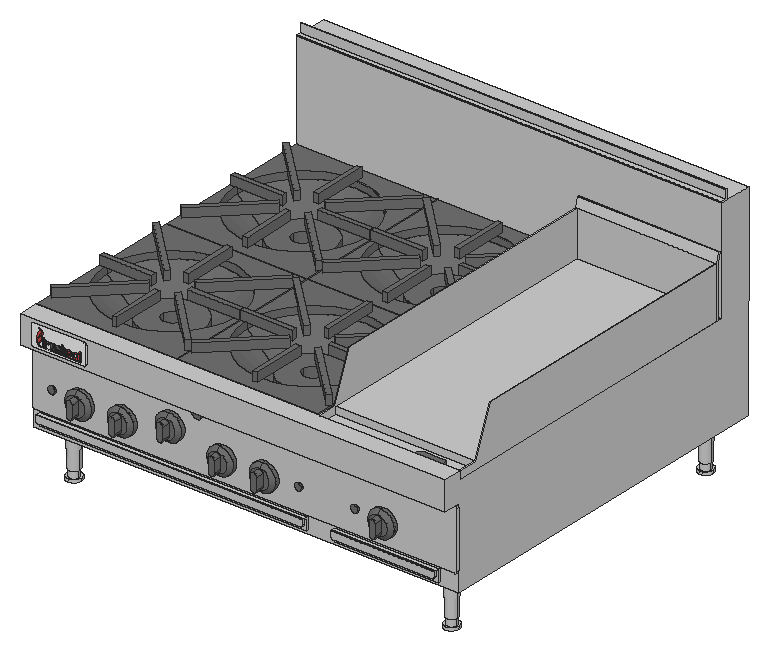
Revit family "QF_COMCATER ALL BRANDS_RCT9-4-3G", category Specialty Equipment, Revit 2014
Parameters (values of type "RCT9-4-3G_Natural Gas")
  URL Cutsheet = ""
  URL = ""
  Type Comments = "The Australian owned and designed* Trueheat RC Series of Gas Cooking Equipment has been developed for the restaurant and cafe market with a high quality finish, designed to fulfill the busy demands within a commercial kitchen.\r\nPowerful 24MJ/hr open burners with individual standing pilots included.\r\n100% Flame failure controls included as standard. Matt finish Euro look cast iron trivets radiate heat and design makes it easy to move pots around the surface.\r\n16mm thick steel griddle plate with 16.5MJ/hr burner per 300mm section.\r\nNote: Griddle is convertible to left hand side. Additional charges apply."
  Status [instance] = ""
  Specification by User [instance] = ""
  Specification by Manufacturer [instance] = ""
  Seismic Rating = ""
  SMACNA No = ""
  Revision Code [instance] = ""
  Nominal Gas power = 26800 W
  NAFEM Spec ID Number = ""
  Model = "RCT9-4-3G"
  Mechanical Connection Type [instance] = " "
  Masterspec = ""
  Manufacturer = "TRUEHEAT"
  Length Actual = 900 mm
  Item Number [instance] = ""
  Installed By [instance] = ""
  Identify Quantity as Lot [instance] = no
  Height Actual = 455 mm
  Gas power kW = 26.8
  Gas Size Flexible = 0 mm
  Gas Size = 19.05 mm
  Gas RI Height [instance] = 0 mm
  Gas Flow = 0.0 L/s
  Gas Connection Height [instance] = 121 mm
  Furnished By [instance] = ""
  Foodservice Equipment Identifier [instance] = yes
  Description = "4 BURNER COMBINATION MODULAR TOP"
  Depth Actual = 803 mm
  CSI MasterFormat = ""
  BTUH = 26800 W
  Assembly Code = "E1090320"
  Accessory = no
Types (2): name
  RCT9-4-3G_Natural Gas
  RCT9-4-3G_LPG
Reference planes
  plane 1 "Center (Front/Back)": y = 0
  plane 2: z = 0
  plane 3 "Center (Left/Right)": x = 0
Forms (mm)
  Extrusion 1, solid
    sketch origin (96, 0, 121) x (1, 0, 0) y (0, 1, 0)
      loop
        line (0, 0) -> (2, 0) -> (2, 2) -> (0, 2) -> (0, 0)
    from 0 to 2
Dimensions and locks
  aligned and locked: level to plane 2
Nested families
  nested 1: "QF_COMCATER ALL BRANDS_RCT9-4-3G_Natural Gas" at (0, 0, 100), type "RCT9-4-3G_Natural Gas"
    with Show Logo yes, Show Clearance yes
  nested 2: "QF_COMCATER_B05002-900" at (0, 0, 0), type "B05002-900"
    with Show Logo yes, Show Clearance yes
Connectors
  piping at (97, 2, 122), diameter 19.05, driven by "Gas Size", driven by "Gas Flow"
    settings: on Extrusion 1, index 1, connector inside diameter 609.6 mm, connector length 0 mm, flow factor 0, pipe flow 0.0 L/s, pressure drop 0.0 Pa, fitting loss kfactor 0, connector angle 0.00°, fixture units 0, engagement length 0 mm, angle of deflection 0.00°, flow configuration 1, flow direction 1, fitting loss method 0, system type 22, joint type 0, gender type 0, connector reference index -1, connector utility 0, adjustable connector no, is connector primary yes, connector description "Gas connection for 'RCT9-4-3G'"
Definition of nested family "QF_COMCATER ALL BRANDS_RCT9-4-3G_Natural Gas"
  Parameters (values of type "RCT9-4-3G_Natural Gas")
    URL = "www.comcater.com.au"
    Show Logo [instance] = yes
    Show Clearance [instance] = yes
    Model = "RCT9-4-3G"
    Manufacturer = "TRUEHEAT"
    Description = "4 BURNER COMBINATION MODULAR TOP"
    Assembly Code = "E1090320"
  Reference planes
    plane 1 "Back": y = 0
    plane 2: z = 0
    plane 3 "Left": x = 0
    plane 4 "Right": x = 900
    plane 5 "Front": y = -803
    plane 6 "Top": z = 455
  Forms (mm)
    Extrusion 1, solid
      sketch origin (0, 0, 2.5) x (0, 1, 0) y (0, 0, 1)
        loop
          line (0, 432.5) -> (-70, 432.5) -> (-70, 212.5) -> (-762.176, 212.5) -> (-762.176, 227.5) -> (-803, 227.5) -> (-803, 167.5) -> (-768, 167.5) -> (-768, -2.5) -> (0, -2.5) -> (0, 432.5)
      from 0 to 900
    Extrusion 2, solid
      sketch origin (600, 0, 2.5) x (0, 1, 0) y (0, 0, 1)
        loop
          line (-77.071, 341.25) -> (-82.176, 322.195) -> (-82.176, 212.5) -> (-80.176, 212.5) -> (-80.176, 321.931) -> (-75, 341.25) -> (-77.071, 341.25)
      from 0 to 300
    Extrusion 3, solid
      sketch origin (600, 0, 2.5) x (0, 1, 0) y (0, 0, 1)
        loop
          line (-82.176, 322.195) -> (-682.176, 322.195) -> (-722.176, 227.5) -> (-762.176, 227.5) -> (-762.176, 212.5) -> (-82.176, 212.5) -> (-82.176, 322.195)
      from 0 to 2
    Extrusion 4, solid
      sketch origin (898, 0, 2.5) x (0, 1, 0) y (0, 0, 1)
        loop
          line (-82.176, 322.195) -> (-682.176, 322.195) -> (-722.176, 227.5) -> (-762.176, 227.5) -> (-762.176, 212.5) -> (-82.176, 212.5) -> (-82.176, 322.195)
      from 0 to 2
    Extrusion 5, solid
      sketch origin (595.5, -360, -12.5) x (1, 0, 0) y (0, 0, 1)
        loop
          line (6.5, 227.5) -> (302.5, 227.5) -> (302.5, 242.5) -> (6.5, 242.5) -> (6.5, 227.5)
      from -277.824 to 362.176
    Revolve 6, solid
      sketch origin (108.337, 8, -489.263) x (0, 1, 0) y (0, 0, 1)
        loop
          line (-786.003, 575.513) -> (-801, 575.513) -> (-801, 555.163) -> (-793.012, 547.176) -> (-786.003, 547.176) -> (-786.003, 575.513)
        axis (-786.003, 575.513) -> (-801, 575.513)
      angle from 0 to 360
    Extrusion 7, solid
      sketch origin (-264.343, -780, -1413.928) x (-0.707107, 0, -0.707107) y (-0.707107, 0, 0.707107)
        loop
          arc (-1328.297, 810.227) -> (-1337.277, 810.227) -> (-1337.277, 801.247) r 6.35
          line (-1337.277, 801.247) -> (-1320.325, 784.294)
          arc (-1320.325, 784.294) -> (-1311.344, 784.294) -> (-1311.344, 793.275) r 6.35
          line (-1311.344, 793.275) -> (-1328.297, 810.227)
      from -13 to -28
    Extrusion 8, solid
      sketch origin (115.838, 32, 58.75) x (1, 0, 0) y (0, 0, 1)
        loop
          circle (234.162, 91.25) r 10.607
      from 803 to 805
    Extrusion 9, solid
      sketch origin (0, -768, 2.5) x (1, 0, 0) y (0, 0, 1)
        loop
          line (0, 160.5) -> (0, 40)
          arc (0, 40) -> (1.464, 36.464) -> (5, 35) r 5
          line (5, 35) -> (895, 35)
          arc (895, 35) -> (898.536, 36.464) -> (900, 40) r 5
          line (900, 40) -> (900, 160.5)
          arc (900, 160.5) -> (898.536, 164.036) -> (895, 165.5) r 5
          line (895, 165.5) -> (5, 165.5)
          arc (5, 165.5) -> (1.464, 164.036) -> (0, 160.5) r 5
      from 0 to 3
    Extrusion 10, solid
      sketch origin (92.5, -778, 2.5) x (1, 0, 0) y (0, 0, 1)
        loop
          arc (-77.5, 20) -> (-76.036, 16.464) -> (-72.5, 15) r 5
          line (-72.5, 15) -> (482.756, 15)
          arc (482.756, 15) -> (486.291, 16.464) -> (487.756, 20) r 5
          line (487.756, 20) -> (487.756, 30) -> (-77.5, 30) -> (-77.5, 20)
      from 0 to 2
    Extrusion 11, solid
      sketch origin (92.5, -2, 2.5) x (0, 1, 0) y (0, 0, 1)
        loop
          line (-776, 30) -> (-776, 27.971) -> (-768.029, 27.971) -> (-768.029, 4.971) -> (-766, 4.971) -> (-766, 30) -> (-776, 30)
      from -77.5 to 487.756
    Extrusion 12, solid, visible <- "Show Logo"
      sketch origin (30, -802.5, 9.763) x (1, 0, 0) y (0, 0, 1)
        loop
          line (98.5, 191.841) -> (96.5, 191.841) -> (96.5, 189.798) -> (95.026, 189.798) -> (95.026, 187.798) -> (96.5, 187.798) -> (96.5, 175.237) -> (98.5, 175.237) -> (98.5, 187.798) -> (100, 187.798) -> (100, 189.798) -> (98.5, 189.798) -> (98.5, 191.841)
        loop
          line (94, 187.798) -> (92, 187.798) -> (92, 186.56)
          arc (92, 186.56) -> (81.976, 181.518) -> (92, 176.475) r 6.28
          line (92, 176.475) -> (92, 175.237) -> (94, 175.237) -> (94, 187.798)
        loop
          arc (92, 183.592) -> (83.976, 181.518) -> (92, 179.443) r 4.28
          line (92, 179.443) -> (92, 183.592)
        loop
          line (65.446, 184.298) -> (65.446, 175.237) -> (67.446, 175.237) -> (67.446, 184.729)
          arc (67.446, 184.729) -> (64.497, 187.542) -> (60.446, 187.101) r 4.833
          line (60.446, 187.101) -> (60.446, 191.841) -> (58.446, 191.841) -> (58.446, 175.237) -> (60.446, 175.237) -> (60.446, 184.298)
          arc (60.446, 184.298) -> (62.946, 185.798) -> (65.446, 184.298) r 2.833
        loop
          arc (80.998, 181.518) -> (69.107, 184.34) -> (78.461, 176.475) r 6.28
          line (78.461, 176.475) -> (77.269, 178.081)
          arc (77.269, 178.081) -> (72.794, 177.694) -> (70.437, 181.518) r 4.28
          line (70.437, 181.518) -> (80.998, 181.518)
        loop
          arc (78.502, 183.518) -> (74.717, 185.798) -> (70.933, 183.518) r 4.28
          line (70.933, 183.518) -> (78.502, 183.518)
      from 0 to 2
    Extrusion 13, solid, visible <- "Show Logo"
      sketch origin (14.146, -802.5, 9.763) x (1, 0, 0) y (0, 0, 1)
        loop
          arc (70.804, 183.518) -> (67.02, 185.798) -> (63.236, 183.518) r 4.28
          line (63.236, 183.518) -> (70.804, 183.518)
        loop
          arc (73.3, 181.518) -> (61.409, 184.34) -> (70.764, 176.475) r 6.28
          line (70.764, 176.475) -> (69.572, 178.081)
          arc (69.572, 178.081) -> (65.096, 177.694) -> (62.74, 181.518) r 4.28
          line (62.74, 181.518) -> (73.3, 181.518)
        loop
          line (34.617, 191.841) -> (34.617, 189.798) -> (33.143, 189.798) -> (33.143, 187.798) -> (34.617, 187.798) -> (34.617, 175.237) -> (36.617, 175.237) -> (36.617, 187.798) -> (38.117, 187.798) -> (38.117, 189.798) -> (36.617, 189.798) -> (36.617, 191.841) -> (34.617, 191.841)
        loop
          arc (57.696, 178.737) -> (55.196, 177.237) -> (52.696, 178.737) r 2.833
          line (52.696, 178.737) -> (52.696, 187.798) -> (50.696, 187.798) -> (50.696, 178.307)
          arc (50.696, 178.307) -> (55.196, 175.237) -> (59.696, 178.307) r 4.833
          line (59.696, 178.307) -> (59.696, 187.798) -> (57.696, 187.798) -> (57.696, 178.737)
        loop
          line (41.117, 186.56) -> (41.117, 187.798) -> (39.117, 187.798) -> (39.117, 175.237) -> (41.117, 175.237) -> (41.117, 183.592)
          arc (41.117, 183.592) -> (44.587, 185.789) -> (48.31, 184.053) r 4.28
          line (48.31, 184.053) -> (49.735, 185.478)
          arc (49.735, 185.478) -> (45.643, 187.749) -> (41.117, 186.56) r 6.28
      from 0 to 2
    Extrusion 14, solid, visible <- "Show Logo"
      sketch origin (0, -802.5, 7.5) x (1, 0, 0) y (0, 0, 1)
        loop
          line (130, 176.5) -> (40, 176.5) -> (40, 175.5) -> (130, 175.5) -> (130, 176.5)
        loop
          arc (40, 177.5) -> (40.603, 181.061) -> (42.43, 184.177) r 10.013
          arc (42.43, 184.177) -> (44.457, 187.03) -> (45.914, 190.212) r 18.627
          arc (45.914, 190.212) -> (46.43, 193.956) -> (45.458, 197.608) r 9.58
          arc (45.458, 197.608) -> (44.352, 194.23) -> (41.979, 191.583) r 8.629
          arc (41.979, 191.583) -> (38.017, 184.959) -> (40, 177.5) r 9.924
        loop
          arc (39.054, 199.801) -> (35.351, 191.043) -> (36.701, 181.631) r 17.746
          arc (36.701, 181.631) -> (36.715, 187.191) -> (39.483, 192.014) r 10.848
          arc (39.483, 192.014) -> (42.461, 196.051) -> (44.165, 200.77) r 17.413
          arc (44.165, 200.77) -> (46.042, 199.588) -> (47.328, 197.781) r 5.718
          arc (47.328, 197.781) -> (46.772, 205.563) -> (40.995, 210.808) r 10.489
          arc (40.995, 210.808) -> (41.42, 205.059) -> (39.054, 199.801) r 11.727
      from 0 to 2
    Extrusion 15, solid, visible <- "Show Logo"
      sketch origin (0, -802, 7.5) x (1, 0, 0) y (0, 0, 1)
        loop
          line (29.373, 170.5) -> (135, 170.5)
          arc (135, 170.5) -> (138.536, 171.964) -> (140, 175.5) r 5
          line (140, 175.5) -> (140, 210.808)
          arc (140, 210.808) -> (138.536, 214.344) -> (135, 215.808) r 5
          line (135, 215.808) -> (29.373, 215.808)
          arc (29.373, 215.808) -> (25.837, 214.344) -> (24.373, 210.808) r 5
          line (24.373, 210.808) -> (24.373, 175.5)
          arc (24.373, 175.5) -> (25.837, 171.964) -> (29.373, 170.5) r 5
      from 0 to 2
    Extrusion 16, solid
      sketch origin (-3062.372, -656.5, -667.68) x (1, 0, 0) y (0, 1, 0)
        loop
          line (3503.813, 452.102) -> (3513.813, 452.102) -> (3513.813, 565.456) -> (3503.813, 565.456) -> (3503.813, 452.102)
        loop
          line (3546.914, 419) -> (3546.914, 409) -> (3656.627, 409) -> (3656.627, 419) -> (3546.914, 419)
        loop
          line (3470.712, 419) -> (3360.999, 419) -> (3360.999, 409) -> (3470.712, 409) -> (3470.712, 419)
        loop
          line (3474.8, 433.871) -> (3481.872, 440.942) -> (3367.316, 555.497) -> (3360.245, 548.426) -> (3474.8, 433.871)
        loop
          line (3535.755, 440.942) -> (3542.826, 433.871) -> (3657.381, 548.426) -> (3650.31, 555.497) -> (3535.755, 440.942)
        loop
          line (3503.813, 375.899) -> (3503.813, 262.545) -> (3513.813, 262.545) -> (3513.813, 375.899) -> (3503.813, 375.899)
        loop
          line (3474.8, 394.13) -> (3360.245, 279.574) -> (3367.316, 272.503) -> (3481.872, 387.059) -> (3474.8, 394.13)
        loop
          line (3535.755, 387.059) -> (3650.31, 272.503) -> (3657.381, 279.574) -> (3542.826, 394.13) -> (3535.755, 387.059)
      from 897.68 to 916.73
    Extrusion 17, solid
      sketch origin (-3062.372, -656.5, -662.976) x (1, 0, 0) y (0, 1, 0)
        loop
          line (3657.627, 586.5) -> (3359.999, 586.5) -> (3359.999, 241.5) -> (3657.627, 241.5) -> (3657.627, 586.5)
        loop
          circle (3508.813, 414.196) r 138
      from 877.976 to 892.976
    Revolve 18, solid
      sketch origin (198.337, 8, -489.263) x (0, 1, 0) y (0, 0, 1)
        loop
          line (-786.003, 575.513) -> (-801, 575.513) -> (-801, 555.163) -> (-793.012, 547.176) -> (-786.003, 547.176) -> (-786.003, 575.513)
        axis (-786.003, 575.513) -> (-801, 575.513)
      angle from 0 to 360
    Extrusion 19, solid
      sketch origin (-174.343, -780, -1413.928) x (-0.707107, 0, -0.707107) y (-0.707107, 0, 0.707107)
        loop
          arc (-1328.297, 810.227) -> (-1337.277, 810.227) -> (-1337.277, 801.247) r 6.35
          line (-1337.277, 801.247) -> (-1320.325, 784.294)
          arc (-1320.325, 784.294) -> (-1311.344, 784.294) -> (-1311.344, 793.275) r 6.35
          line (-1311.344, 793.275) -> (-1328.297, 810.227)
      from -13 to -28
    Revolve 20, solid
      sketch origin (499.175, 8, -489.263) x (0, 1, 0) y (0, 0, -1)
        loop
          line (-786.003, -575.513) -> (-786.003, -547.176) -> (-793.012, -547.176) -> (-801, -555.163) -> (-801, -575.513) -> (-786.003, -575.513)
        axis (-786.003, -575.513) -> (-801, -575.513)
      angle from 0 to 360
    Extrusion 21, solid
      sketch origin (871.856, -780, -1413.928) x (0.707107, 0, -0.707107) y (-0.707107, 0, -0.707107)
        loop
          line (-1328.297, -810.227) -> (-1311.344, -793.275)
          arc (-1311.344, -793.275) -> (-1311.344, -784.294) -> (-1320.325, -784.294) r 6.35
          line (-1320.325, -784.294) -> (-1337.277, -801.247)
          arc (-1337.277, -801.247) -> (-1337.277, -810.227) -> (-1328.297, -810.227) r 6.35
      from -13 to -28
    Revolve 22, solid
      sketch origin (409.175, 8, -489.263) x (0, 1, 0) y (0, 0, -1)
        loop
          line (-786.003, -575.513) -> (-786.003, -547.176) -> (-793.012, -547.176) -> (-801, -555.163) -> (-801, -575.513) -> (-786.003, -575.513)
        axis (-786.003, -575.513) -> (-801, -575.513)
      angle from 0 to 360
    Extrusion 23, solid
      sketch origin (781.856, -780, -1413.928) x (0.707107, 0, -0.707107) y (-0.707107, 0, -0.707107)
        loop
          line (-1328.297, -810.227) -> (-1311.344, -793.275)
          arc (-1311.344, -793.275) -> (-1311.344, -784.294) -> (-1320.325, -784.294) r 6.35
          line (-1320.325, -784.294) -> (-1337.277, -801.247)
          arc (-1337.277, -801.247) -> (-1337.277, -810.227) -> (-1328.297, -810.227) r 6.35
      from -13 to -28
    Revolve 24, solid
      sketch origin (300, 8, -463.851) x (0, 1, 0) y (0, 0, -1)
        loop
          line (-786.003, -575.513) -> (-786.003, -547.176) -> (-793, -547.176) -> (-801, -555.176) -> (-801, -575.513) -> (-786.003, -575.513)
        axis (-786.003, -575.513) -> (-801, -575.513)
      angle from 0 to 360
    Extrusion 25, solid
      sketch origin (672.681, -780, -1388.515) x (0.707107, 0, -0.707107) y (-0.707107, 0, -0.707107)
        loop
          line (-1328.297, -810.227) -> (-1311.344, -793.275)
          arc (-1311.344, -793.275) -> (-1311.344, -784.294) -> (-1320.325, -784.294) r 6.35
          line (-1320.325, -784.294) -> (-1337.277, -801.247)
          arc (-1337.277, -801.247) -> (-1337.277, -810.227) -> (-1328.297, -810.227) r 6.35
      from -13 to -28
    Extrusion 26, solid
      sketch origin (-3062.372, -173.5, -667.68) x (1, 0, 0) y (0, 1, 0)
        loop
          line (3503.813, -452.102) -> (3503.813, -565.456) -> (3513.813, -565.456) -> (3513.813, -452.102) -> (3503.813, -452.102)
        loop
          line (3546.914, -419) -> (3656.627, -419) -> (3656.627, -409) -> (3546.914, -409) -> (3546.914, -419)
        loop
          line (3470.712, -419) -> (3470.712, -409) -> (3360.999, -409) -> (3360.999, -419) -> (3470.712, -419)
        loop
          line (3474.8, -433.871) -> (3360.245, -548.426) -> (3367.316, -555.497) -> (3481.872, -440.942) -> (3474.8, -433.871)
        loop
          line (3535.755, -440.942) -> (3650.31, -555.497) -> (3657.381, -548.426) -> (3542.826, -433.871) -> (3535.755, -440.942)
        loop
          line (3503.813, -375.899) -> (3513.813, -375.899) -> (3513.813, -262.545) -> (3503.813, -262.545) -> (3503.813, -375.899)
        loop
          line (3474.8, -394.13) -> (3481.872, -387.059) -> (3367.316, -272.503) -> (3360.245, -279.574) -> (3474.8, -394.13)
        loop
          line (3535.755, -387.059) -> (3542.826, -394.13) -> (3657.381, -279.574) -> (3650.31, -272.503) -> (3535.755, -387.059)
      from 897.68 to 916.73
    Extrusion 27, solid
      sketch origin (-3062.372, -173.5, -662.976) x (1, 0, 0) y (0, 1, 0)
        loop
          line (3657.627, -586.5) -> (3657.627, -241.5) -> (3359.999, -241.5) -> (3359.999, -586.5) -> (3657.627, -586.5)
        loop
          circle (3508.813, -414.196) r 138
      from 877.976 to 892.976
    Extrusion 28, solid
      sketch origin (0, -5, -680) x (1, 0, 0) y (0, 0, 1)
        loop
          circle (108.338, 766.25) r 8
      from 766 to 773.003
    Extrusion 29, solid
      sketch origin (90, -5, -680) x (1, 0, 0) y (0, 0, 1)
        loop
          circle (108.338, 766.25) r 8
      from 766 to 773.003
    Extrusion 30, solid
      sketch origin (300.837, -5, -680) x (1, 0, 0) y (0, 0, 1)
        loop
          circle (108.338, 766.25) r 8
      from 766 to 773.003
    Extrusion 31, solid
      sketch origin (390.837, -5, -680) x (1, 0, 0) y (0, 0, 1)
        loop
          circle (108.338, 766.25) r 8
      from 766 to 773.003
    Extrusion 32, solid
      sketch origin (191.662, -5, -654.588) x (1, 0, 0) y (0, 0, 1)
        loop
          circle (108.338, 766.25) r 8
      from 766 to 773.003
    Extrusion 33, solid
      sketch origin (782.5, -778, 2.5) x (-1, 0, 0) y (0, 0, -1)
        loop
          line (-77.5, -20) -> (-77.5, -30) -> (142.5, -30) -> (142.5, -20)
          arc (142.5, -20) -> (141.036, -16.464) -> (137.5, -15) r 5
          line (137.5, -15) -> (-72.5, -15)
          arc (-72.5, -15) -> (-76.036, -16.464) -> (-77.5, -20) r 5
      from 0 to 2
    Extrusion 34, solid
      sketch origin (782.5, -2, 2.5) x (0, 1, 0) y (0, 0, -1)
        loop
          line (-776, -30) -> (-766, -30) -> (-766, -4.971) -> (-768.029, -4.971) -> (-768.029, -27.971) -> (-776, -27.971) -> (-776, -30)
      from -77.5 to 142.5
    Extrusion 35, solid, visible <- "Show Clearance", detail levels coarse
      sketch origin (0, -2, -680) x (0, 1, 0) y (0, 0, 1)
        loop
          line (-768.029, 687.471) -> (-768.029, 712.5) -> (-1194, 712.5) -> (-1194, 687.471) -> (-768.029, 687.471)
      from 15 to 580.256
    Extrusion 36, solid, visible <- "Show Clearance", detail levels coarse
      sketch origin (625, -2, -680) x (0, 1, 0) y (0, 0, 1)
        loop
          line (-768.029, 687.471) -> (-768.029, 712.5) -> (-1199, 712.5) -> (-1199, 687.471) -> (-768.029, 687.471)
      from 15 to 235
    Blend 37, void
      base sketch origin (-3.744, 0, -35) x (1, 0, 0) y (0, 1, 0)
        loop
          circle (451.186, -242.304) r 70
      top sketch origin (-3.744, 0, 0) x (1, 0, 0) y (0, 1, 0)
        loop
          circle (451.186, -242.304) r 142
      from 185 to 215
    Blend 38, void
      base sketch origin (-3.744, -345.392, -35) x (1, 0, 0) y (0, 1, 0)
        loop
          circle (451.186, -242.304) r 70
      top sketch origin (-3.744, -345.392, 0) x (1, 0, 0) y (0, 1, 0)
        loop
          circle (451.186, -242.304) r 142
      from 185 to 215
    Extrusion 39, solid
      sketch origin (-4.744, 0, 150) x (1, 0, 0) y (0, 1, 0)
        loop
          circle (451.186, -242.304) r 65
        loop
          circle (451.186, -242.304) r 20
      from 0 to 30
    Extrusion 40, solid
      sketch origin (-4.744, -345, 150) x (1, 0, 0) y (0, 1, 0)
        loop
          circle (451.186, -242.304) r 65
        loop
          circle (451.186, -242.304) r 20
      from 0 to 30
    Extrusion 41, solid
      sketch origin (0, -23, 0) x (0, 1, 0) y (0, 0, 1)
        loop
          line (-47, 435) -> (-35, 435) -> (-35, 455) -> (-37, 455) -> (-37, 437) -> (-47, 437) -> (-47, 435)
      from 0 to 900
    Extrusion 42, solid
      sketch origin (96, 10, -828) x (1, 0, 0) y (0, 0, 1)
        loop
          circle (0, 850) r 9.3
      from 0 to 10
    Extrusion 43, solid
      sketch origin (0, -771, -680) x (1, 0, 0) y (0, 0, 1)
        loop
          circle (42.5, 766.25) r 7.5
      from 0 to 2
    Extrusion 44, solid
      sketch origin (522.512, -771, -680) x (1, 0, 0) y (0, 0, 1)
        loop
          circle (42.5, 766.25) r 7.5
      from 0 to 2
    Sweep 45, solid
      path origin (-4.744, 0, -680) x (1, 0, 0) y (0, 1, 0)
        loop
          circle (451.186, -587.5) r 139
      profile origin (446.442, -448.5, -680) x (0, -1, 0) y (0, 0, 1)
        loop
          line (-0.987, 895) -> (69.013, 830) -> (70.013, 830) -> (71.013, 830) -> (1.013, 895) -> (-0.987, 895)
    Sweep 46, solid
      path origin (-4.744, 345.392, -680) x (1, 0, 0) y (0, 1, 0)
        loop
          circle (451.186, -587.5) r 139
      profile origin (446.442, -103.108, -680) x (0, -1, 0) y (0, 0, 1)
        loop
          line (-0.987, 895) -> (69.013, 830) -> (70.013, 830) -> (71.013, 830) -> (1.013, 895) -> (-0.987, 895)
    Extrusion 47, solid, visible <- "Show Clearance", detail levels coarse
      sketch origin (0, 0, 0) x (1, 0, 0) y (0, 1, 0)
        loop
          line (1050, 150) -> (-150, 150) -> (-150, -803) -> (0, -803) -> (0, 0) -> (900, 0) -> (900, -803) -> (1050, -803) -> (1050, 150)
      from 0 to 455
    Extrusion 48, solid
      sketch origin (-3359.999, -656.5, -667.68) x (1, 0, 0) y (0, 1, 0)
        loop
          line (3503.813, 452.102) -> (3513.813, 452.102) -> (3513.813, 565.456) -> (3503.813, 565.456) -> (3503.813, 452.102)
        loop
          line (3546.914, 419) -> (3546.914, 409) -> (3656.627, 409) -> (3656.627, 419) -> (3546.914, 419)
        loop
          line (3470.712, 419) -> (3360.999, 419) -> (3360.999, 409) -> (3470.712, 409) -> (3470.712, 419)
        loop
          line (3474.8, 433.871) -> (3481.872, 440.942) -> (3367.316, 555.497) -> (3360.245, 548.426) -> (3474.8, 433.871)
        loop
          line (3535.755, 440.942) -> (3542.826, 433.871) -> (3657.381, 548.426) -> (3650.31, 555.497) -> (3535.755, 440.942)
        loop
          line (3503.813, 375.899) -> (3503.813, 262.545) -> (3513.813, 262.545) -> (3513.813, 375.899) -> (3503.813, 375.899)
        loop
          line (3474.8, 394.13) -> (3360.245, 279.574) -> (3367.316, 272.503) -> (3481.872, 387.059) -> (3474.8, 394.13)
        loop
          line (3535.755, 387.059) -> (3650.31, 272.503) -> (3657.381, 279.574) -> (3542.826, 394.13) -> (3535.755, 387.059)
      from 897.68 to 916.73
    Extrusion 49, solid
      sketch origin (-3359.999, -656.5, -662.976) x (1, 0, 0) y (0, 1, 0)
        loop
          line (3657.627, 586.5) -> (3359.999, 586.5) -> (3359.999, 241.5) -> (3657.627, 241.5) -> (3657.627, 586.5)
        loop
          circle (3508.813, 414.196) r 138
      from 877.976 to 892.976
    Extrusion 50, solid
      sketch origin (-3359.999, -173.5, -667.68) x (1, 0, 0) y (0, 1, 0)
        loop
          line (3503.813, -452.102) -> (3503.813, -565.456) -> (3513.813, -565.456) -> (3513.813, -452.102) -> (3503.813, -452.102)
        loop
          line (3546.914, -419) -> (3656.627, -419) -> (3656.627, -409) -> (3546.914, -409) -> (3546.914, -419)
        loop
          line (3470.712, -419) -> (3470.712, -409) -> (3360.999, -409) -> (3360.999, -419) -> (3470.712, -419)
        loop
          line (3474.8, -433.871) -> (3360.245, -548.426) -> (3367.316, -555.497) -> (3481.872, -440.942) -> (3474.8, -433.871)
        loop
          line (3535.755, -440.942) -> (3650.31, -555.497) -> (3657.381, -548.426) -> (3542.826, -433.871) -> (3535.755, -440.942)
        loop
          line (3503.813, -375.899) -> (3513.813, -375.899) -> (3513.813, -262.545) -> (3503.813, -262.545) -> (3503.813, -375.899)
        loop
          line (3474.8, -394.13) -> (3481.872, -387.059) -> (3367.316, -272.503) -> (3360.245, -279.574) -> (3474.8, -394.13)
        loop
          line (3535.755, -387.059) -> (3542.826, -394.13) -> (3657.381, -279.574) -> (3650.31, -272.503) -> (3535.755, -387.059)
      from 897.68 to 916.73
    Extrusion 51, solid
      sketch origin (-3359.999, -173.5, -662.976) x (1, 0, 0) y (0, 1, 0)
        loop
          line (3657.627, -586.5) -> (3657.627, -241.5) -> (3359.999, -241.5) -> (3359.999, -586.5) -> (3657.627, -586.5)
        loop
          circle (3508.813, -414.196) r 138
      from 877.976 to 892.976
    Extrusion 52, solid
      sketch origin (-302.372, 0, 150) x (1, 0, 0) y (0, 1, 0)
        loop
          circle (451.186, -242.304) r 65
        loop
          circle (451.186, -242.304) r 20
      from 0 to 30
    Extrusion 53, solid
      sketch origin (-302.372, -345, 150) x (1, 0, 0) y (0, 1, 0)
        loop
          circle (451.186, -242.304) r 65
        loop
          circle (451.186, -242.304) r 20
      from 0 to 30
    Sweep 54, solid
      path origin (-302.372, 0, -680) x (1, 0, 0) y (0, 1, 0)
        loop
          circle (451.186, -587.5) r 139
      profile origin (148.814, -448.5, -680) x (0, -1, 0) y (0, 0, 1)
        loop
          line (-0.987, 895) -> (69.013, 830) -> (70.013, 830) -> (71.013, 830) -> (1.013, 895) -> (-0.987, 895)
    Sweep 55, solid
      path origin (-302.372, 345.392, -680) x (1, 0, 0) y (0, 1, 0)
        loop
          circle (451.186, -587.5) r 139
      profile origin (148.814, -103.108, -680) x (0, -1, 0) y (0, 0, 1)
        loop
          line (-0.987, 895) -> (69.013, 830) -> (70.013, 830) -> (71.013, 830) -> (1.013, 895) -> (-0.987, 895)
    Blend 56, void
      base sketch origin (-301.156, -345.392, -35) x (1, 0, 0) y (0, 1, 0)
        loop
          circle (451.186, -242.304) r 70
      top sketch origin (-301.156, -345.392, 0) x (1, 0, 0) y (0, 1, 0)
        loop
          circle (451.186, -242.304) r 142
      from 185 to 215
    Blend 57, void
      base sketch origin (-301.156, 0, -35) x (1, 0, 0) y (0, 1, 0)
        loop
          circle (451.186, -242.304) r 70
      top sketch origin (-301.156, 0, 0) x (1, 0, 0) y (0, 1, 0)
        loop
          circle (451.186, -242.304) r 142
      from 185 to 215
    Revolve 58, solid
      sketch origin (750, 8, -489.263) x (0, 1, 0) y (0, 0, 1)
        loop
          line (-786.003, 575.513) -> (-801, 575.513) -> (-801, 555.163) -> (-793.012, 547.176) -> (-786.003, 547.176) -> (-786.003, 575.513)
        axis (-786.003, 575.513) -> (-801, 575.513)
      angle from 0 to 360
    Extrusion 59, solid
      sketch origin (377.319, -780, -1413.928) x (-0.707107, 0, -0.707107) y (-0.707107, 0, 0.707107)
        loop
          arc (-1328.297, 810.227) -> (-1337.277, 810.227) -> (-1337.277, 801.247) r 6.35
          line (-1337.277, 801.247) -> (-1320.325, 784.294)
          arc (-1320.325, 784.294) -> (-1311.344, 784.294) -> (-1311.344, 793.275) r 6.35
          line (-1311.344, 793.275) -> (-1328.297, 810.227)
      from -13 to -28
    Extrusion 60, solid
      sketch origin (641.662, -5, -680) x (1, 0, 0) y (0, 0, 1)
        loop
          circle (108.338, 766.25) r 8
      from 766 to 773.003
    Extrusion 61, solid
      sketch origin (641.662, -771, -680) x (1, 0, 0) y (0, 0, 1)
        loop
          circle (42.5, 766.25) r 7.5
      from 0 to 2
    Extrusion 62, solid
      sketch origin (0, 0, 215) x (1, 0, 0) y (0, 1, 0)
        loop
          line (840, -732.176) -> (800, -732.176)
          arc (800, -732.176) -> (790, -742.176) -> (800, -752.176) r 10
          line (800, -752.176) -> (840, -752.176)
          arc (840, -752.176) -> (850, -742.176) -> (840, -732.176) r 10
      from 0 to 2
  Cuts and joins
    Blend 37, Blend 38, Blend 56, Blend 57 cuts Extrusion 1
    Blend 56, Blend 57 cuts Extrusion 3
    joined: Extrusion 1, Extrusion 3
    Blend 56 cuts Extrusion 27
    Blend 56 cuts Extrusion 40
    Blend 57 cuts Extrusion 51
    Blend 57 cuts Extrusion 53
    Blend 56, Blend 57 cuts Extrusion 4
  Lines and regions (mm)
    symbolic lines, style "200-EquipBorder-2D"
      curve 1: line (0, 0, 0) -> (900, 0, 0)
      curve 2: line (900, -803, 0) -> (0, -803, 0)
      curve 6: line (0, 0, 0) -> (0, -803, 0)
      curve 7: line (900, -803, 0) -> (900, 0, 0)
      curve 8: line (86.7, 10, 0) -> (105.3, 10, 0)
      curve 9: line (105.3, 10, 0) -> (105.3, 0, 0)
      curve 10: line (86.7, 10, 0) -> (86.7, 0, 0)
      curve 213: line (0, -70, 0) -> (900, -70, 0)
    symbolic lines, style "QF_Door-Drawer Clearances", visible <- "Show Clearance"
      curve 3: line (15, -1196, 0) -> (580.256, -1196, 0)
      curve 4: line (15, -1196, 0) -> (15, -803, 0)
      curve 5: line (580.256, -1196, 0) -> (580.256, -803, 0)
      curve 112: line (640, -1201, 0) -> (860, -1201, 0)
      curve 113: line (860, -1201, 0) -> (860, -803, 0)
      curve 114: line (640, -1201, 0) -> (640, -803, 0)
    symbolic lines, style "QF_Clearances", visible <- "Show Clearance"
      curve 11: line (-150, -803, 0) -> (-150, 150, 0)
      curve 12: line (-150, 150, 0) -> (1050, 150, 0)
      curve 13: line (1050, 150, 0) -> (1050, -803, 0)
    symbolic lines, style "200-EquipInternal-2D"
      curve 14: line (290.311, -101.003, 0) -> (175.756, -215.558, 0)
      curve 15: line (182.827, -222.629, 0) -> (297.382, -108.074, 0)
      curve 16: line (153.814, -204.399, 0) -> (153.814, -91.045, 0)
      curve 17: line (143.814, -91.045, 0) -> (143.814, -204.399, 0)
      curve 18: line (121.872, -215.558, 0) -> (7.317, -101.003, 0)
      curve 19: line (0, -107.828, 0) -> (114.801, -222.629, 0)
      curve 20: line (110.713, -237.5, 0) -> (1, -237.5, 0)
      curve 21: line (1, -247.5, 0) -> (110.713, -247.5, 0)
      curve 22: line (114.801, -262.371, 0) -> (0, -377.172, 0)
      curve 23: line (7.317, -383.997, 0) -> (121.872, -269.442, 0)
      curve 24: line (153.814, -393.955, 0) -> (153.814, -280.601, 0)
      curve 25: line (143.814, -280.601, 0) -> (143.814, -393.955, 0)
      curve 26: line (175.756, -269.442, 0) -> (290.311, -383.997, 0)
      curve 27: line (297.382, -376.926, 0) -> (182.827, -262.371, 0)
      curve 28: line (186.915, -247.5, 0) -> (296.628, -247.5, 0)
      curve 29: line (296.628, -237.5, 0) -> (186.915, -237.5, 0)
      curve 30: line (175.756, -215.558, 0) -> (182.827, -222.629, 0)
      curve 31: line (143.814, -204.399, 0) -> (153.814, -204.399, 0)
      curve 32: line (110.713, -247.5, 0) -> (110.713, -237.5, 0)
      curve 33: line (114.801, -222.629, 0) -> (121.872, -215.558, 0)
      curve 34: line (121.872, -269.442, 0) -> (114.801, -262.371, 0)
      curve 35: line (153.814, -280.601, 0) -> (143.814, -280.601, 0)
      curve 36: line (186.915, -237.5, 0) -> (186.915, -247.5, 0)
      curve 37: line (182.827, -262.371, 0) -> (175.756, -269.442, 0)
      curve 38: line (7.317, -101.003, 0) -> (0, -108.32, 0)
      curve 39: line (153.814, -91.045, 0) -> (143.814, -91.045, 0)
      curve 40: line (1, -237.5, 0) -> (1, -247.5, 0)
      curve 41: line (0, -376.68, 0) -> (7.317, -383.997, 0)
      curve 42: line (143.814, -393.955, 0) -> (153.814, -393.955, 0)
      curve 43: line (290.311, -383.997, 0) -> (297.382, -376.926, 0)
      curve 44: line (296.628, -247.5, 0) -> (296.628, -237.5, 0)
      curve 45: line (297.382, -108.074, 0) -> (290.311, -101.003, 0)
      curve 46: arc (143.814, -177.496, 0) -> (121.583, -183.283, 0) -> (102.754, -196.44, 0) r 65
      curve 47: arc (96.245, -204.074, 0) -> (87.785, -219.932, 0) -> (83.992, -237.5, 0) r 65
      curve 48: arc (153.814, -177.496, 0) -> (176.044, -183.283, 0) -> (194.874, -196.44, 0) r 65
      curve 49: arc (201.382, -204.074, 0) -> (209.842, -219.932, 0) -> (213.636, -237.5, 0) r 65
      curve 50: circle (148.814, -242.304, 0) r 20 normal (0, 0, 1)
      curve 51: arc (143.814, -307.504, 0) -> (121.583, -301.717, 0) -> (102.754, -288.56, 0) r 65
      curve 52: arc (96.245, -280.926, 0) -> (87.785, -265.068, 0) -> (83.992, -247.5, 0) r 65
      curve 53: arc (153.814, -307.504, 0) -> (176.044, -301.717, 0) -> (194.874, -288.56, 0) r 65
      curve 54: arc (201.382, -280.926, 0) -> (209.842, -265.068, 0) -> (213.636, -247.5, 0) r 65
      curve 55: line (290.311, -446.003, 0) -> (175.756, -560.558, 0)
      curve 56: line (182.827, -567.629, 0) -> (297.382, -453.074, 0)
      curve 57: line (153.814, -549.399, 0) -> (153.814, -436.045, 0)
      curve 58: line (143.814, -436.045, 0) -> (143.814, -549.399, 0)
      curve 59: line (121.872, -560.558, 0) -> (7.317, -446.003, 0)
      curve 60: line (0, -452.828, 0) -> (114.801, -567.629, 0)
      curve 61: line (110.713, -582.5, 0) -> (1, -582.5, 0)
      curve 62: line (1, -592.5, 0) -> (110.713, -592.5, 0)
      curve 63: line (114.801, -607.371, 0) -> (0.246, -721.926, 0)
      curve 64: line (7.317, -728.997, 0) -> (121.872, -614.442, 0)
      curve 65: line (153.814, -738.955, 0) -> (153.814, -625.601, 0)
      curve 66: line (143.814, -625.601, 0) -> (143.814, -738.955, 0)
      curve 67: line (175.756, -614.442, 0) -> (290.311, -728.997, 0)
      curve 68: line (297.382, -721.926, 0) -> (182.827, -607.371, 0)
      curve 69: line (186.915, -592.5, 0) -> (296.628, -592.5, 0)
      curve 70: line (296.628, -582.5, 0) -> (186.915, -582.5, 0)
      curve 71: line (175.756, -560.558, 0) -> (182.827, -567.629, 0)
      curve 72: line (143.814, -549.399, 0) -> (153.814, -549.399, 0)
      curve 73: line (110.713, -592.5, 0) -> (110.713, -582.5, 0)
      curve 74: line (114.801, -567.629, 0) -> (121.872, -560.558, 0)
      curve 75: line (121.872, -614.442, 0) -> (114.801, -607.371, 0)
      curve 76: line (153.814, -625.601, 0) -> (143.814, -625.601, 0)
      curve 77: line (186.915, -582.5, 0) -> (186.915, -592.5, 0)
      curve 78: line (182.827, -607.371, 0) -> (175.756, -614.442, 0)
      curve 79: line (7.317, -446.003, 0) -> (0, -453.32, 0)
      curve 80: line (153.814, -436.045, 0) -> (143.814, -436.045, 0)
      curve 81: line (1, -582.5, 0) -> (1, -592.5, 0)
      curve 82: line (0.246, -721.926, 0) -> (7.317, -728.997, 0)
      curve 83: line (143.814, -738.955, 0) -> (153.814, -738.955, 0)
      curve 84: line (290.311, -728.997, 0) -> (297.382, -721.926, 0)
      curve 85: line (296.628, -592.5, 0) -> (296.628, -582.5, 0)
      curve 86: line (297.382, -453.074, 0) -> (290.311, -446.003, 0)
      curve 87: arc (143.814, -522.496, 0) -> (121.583, -528.283, 0) -> (102.754, -541.44, 0) r 65
      curve 88: arc (96.245, -549.074, 0) -> (87.785, -564.932, 0) -> (83.992, -582.5, 0) r 65
      curve 89: arc (153.814, -522.496, 0) -> (176.044, -528.283, 0) -> (194.874, -541.44, 0) r 65
      curve 90: arc (201.382, -549.074, 0) -> (209.842, -564.932, 0) -> (213.636, -582.5, 0) r 65
      curve 91: circle (148.814, -587.304, 0) r 20 normal (0, 0, 1)
      curve 92: arc (143.814, -652.504, 0) -> (121.583, -646.717, 0) -> (102.754, -633.56, 0) r 65
      curve 93: arc (96.245, -625.926, 0) -> (87.785, -610.068, 0) -> (83.992, -592.5, 0) r 65
      curve 94: arc (153.814, -652.504, 0) -> (176.044, -646.717, 0) -> (194.874, -633.56, 0) r 65
      curve 95: arc (201.382, -625.926, 0) -> (209.842, -610.068, 0) -> (213.636, -592.5, 0) r 65
      curve 96: arc (153.814, -448.786, 0) -> (204.222, -460.252, 0) -> (246.922, -489.391, 0) r 138.608
      curve 97: arc (287.528, -582.5, 0) -> (278.044, -536.666, 0) -> (253.865, -496.591, 0) r 138.797
      curve 98: arc (143.814, -448.786, 0) -> (93.406, -460.252, 0) -> (50.705, -489.391, 0) r 138.608
      curve 99: arc (10.1, -582.5, 0) -> (19.584, -536.666, 0) -> (43.763, -496.591, 0) r 138.797
      curve 100: arc (153.814, -726.214, 0) -> (204.222, -714.748, 0) -> (246.922, -685.609, 0) r 138.608
      curve 101: arc (287.528, -592.5, 0) -> (278.044, -638.334, 0) -> (253.865, -678.409, 0) r 138.797
      curve 102: arc (143.814, -726.214, 0) -> (93.406, -714.748, 0) -> (50.705, -685.609, 0) r 138.608
      curve 103: arc (10.1, -592.5, 0) -> (19.584, -638.334, 0) -> (43.763, -678.409, 0) r 138.797
      curve 104: arc (153.814, -103.394, 0) -> (204.222, -114.86, 0) -> (246.922, -143.999, 0) r 138.608
      curve 105: arc (287.528, -237.108, 0) -> (278.044, -191.274, 0) -> (253.865, -151.199, 0) r 138.797
      curve 106: arc (143.814, -103.394, 0) -> (93.406, -114.86, 0) -> (50.705, -143.999, 0) r 138.608
      curve 107: arc (10.1, -237.108, 0) -> (19.584, -191.274, 0) -> (43.763, -151.199, 0) r 138.797
      curve 108: arc (153.814, -380.821, 0) -> (204.222, -369.355, 0) -> (246.922, -340.216, 0) r 138.608
      curve 109: arc (287.528, -247.108, 0) -> (278.044, -292.941, 0) -> (253.865, -333.017, 0) r 138.797
      curve 110: arc (143.814, -380.821, 0) -> (93.406, -369.355, 0) -> (50.705, -340.216, 0) r 138.608
      curve 111: arc (10.1, -247.108, 0) -> (19.584, -292.941, 0) -> (43.763, -333.017, 0) r 138.797
      curve 115: line (587.939, -101.003, 0) -> (473.383, -215.558, 0)
      curve 116: line (480.454, -222.629, 0) -> (595.01, -108.074, 0)
      curve 117: line (451.442, -204.399, 0) -> (451.442, -91.045, 0)
      curve 118: line (441.442, -91.045, 0) -> (441.442, -204.399, 0)
      curve 119: line (419.5, -215.558, 0) -> (304.945, -101.003, 0)
      curve 120: line (297.874, -108.074, 0) -> (412.429, -222.629, 0)
      curve 121: line (408.34, -237.5, 0) -> (298.628, -237.5, 0)
      curve 122: line (298.628, -247.5, 0) -> (408.34, -247.5, 0)
      curve 123: line (412.429, -262.371, 0) -> (297.874, -376.926, 0)
      curve 124: line (304.945, -383.997, 0) -> (419.5, -269.442, 0)
      curve 125: line (451.442, -393.955, 0) -> (451.442, -280.601, 0)
      curve 126: line (441.442, -280.601, 0) -> (441.442, -393.955, 0)
      curve 127: line (473.383, -269.442, 0) -> (587.939, -383.997, 0)
      curve 128: line (595.01, -376.926, 0) -> (480.454, -262.371, 0)
      curve 129: line (484.543, -247.5, 0) -> (594.256, -247.5, 0)
      curve 130: line (594.256, -237.5, 0) -> (484.543, -237.5, 0)
      curve 131: line (473.383, -215.558, 0) -> (480.454, -222.629, 0)
      curve 132: line (441.442, -204.399, 0) -> (451.442, -204.399, 0)
      curve 133: line (408.34, -247.5, 0) -> (408.34, -237.5, 0)
      curve 134: line (412.429, -222.629, 0) -> (419.5, -215.558, 0)
      curve 135: line (419.5, -269.442, 0) -> (412.429, -262.371, 0)
      curve 136: line (451.442, -280.601, 0) -> (441.442, -280.601, 0)
      curve 137: line (484.543, -237.5, 0) -> (484.543, -247.5, 0)
      curve 138: line (480.454, -262.371, 0) -> (473.383, -269.442, 0)
      curve 139: line (304.945, -101.003, 0) -> (297.874, -108.074, 0)
      curve 140: line (451.442, -91.045, 0) -> (441.442, -91.045, 0)
      curve 141: line (298.628, -237.5, 0) -> (298.628, -247.5, 0)
      curve 142: line (297.874, -376.926, 0) -> (304.945, -383.997, 0)
      curve 143: line (441.442, -393.955, 0) -> (451.442, -393.955, 0)
      curve 144: line (587.939, -383.997, 0) -> (595.01, -376.926, 0)
      curve 145: line (594.256, -247.5, 0) -> (594.256, -237.5, 0)
      curve 146: line (595.01, -108.074, 0) -> (587.939, -101.003, 0)
      curve 147: arc (441.442, -177.496, 0) -> (419.211, -183.283, 0) -> (400.382, -196.44, 0) r 65
      curve 148: arc (393.873, -204.074, 0) -> (385.413, -219.932, 0) -> (381.619, -237.5, 0) r 65
      curve 149: arc (451.442, -177.496, 0) -> (473.672, -183.283, 0) -> (492.502, -196.44, 0) r 65
      curve 150: arc (499.01, -204.074, 0) -> (507.47, -219.932, 0) -> (511.264, -237.5, 0) r 65
      curve 151: circle (446.442, -242.304, 0) r 20 normal (0, 0, 1)
      curve 152: arc (441.442, -307.504, 0) -> (419.211, -301.717, 0) -> (400.382, -288.56, 0) r 65
      curve 153: arc (393.873, -280.926, 0) -> (385.413, -265.068, 0) -> (381.619, -247.5, 0) r 65
      curve 154: arc (451.442, -307.504, 0) -> (473.672, -301.717, 0) -> (492.502, -288.56, 0) r 65
      curve 155: arc (499.01, -280.926, 0) -> (507.47, -265.068, 0) -> (511.264, -247.5, 0) r 65
      curve 156: line (587.939, -446.003, 0) -> (473.383, -560.558, 0)
      curve 157: line (480.454, -567.629, 0) -> (595.01, -453.074, 0)
      curve 158: line (451.442, -549.399, 0) -> (451.442, -436.045, 0)
      curve 159: line (441.442, -436.045, 0) -> (441.442, -549.399, 0)
      curve 160: line (419.5, -560.558, 0) -> (304.945, -446.003, 0)
      curve 161: line (297.874, -453.074, 0) -> (412.429, -567.629, 0)
      curve 162: line (408.34, -582.5, 0) -> (298.628, -582.5, 0)
      curve 163: line (298.628, -592.5, 0) -> (408.34, -592.5, 0)
      curve 164: line (412.429, -607.371, 0) -> (297.874, -721.926, 0)
      curve 165: line (304.945, -728.997, 0) -> (419.5, -614.442, 0)
      curve 166: line (451.442, -738.955, 0) -> (451.442, -625.601, 0)
      curve 167: line (441.442, -625.601, 0) -> (441.442, -738.955, 0)
      curve 168: line (473.383, -614.442, 0) -> (587.939, -728.997, 0)
      curve 169: line (595.01, -721.926, 0) -> (480.454, -607.371, 0)
      curve 170: line (484.543, -592.5, 0) -> (594.256, -592.5, 0)
      curve 171: line (594.256, -582.5, 0) -> (484.543, -582.5, 0)
      curve 172: line (473.383, -560.558, 0) -> (480.454, -567.629, 0)
      curve 173: line (441.442, -549.399, 0) -> (451.442, -549.399, 0)
      curve 174: line (408.34, -592.5, 0) -> (408.34, -582.5, 0)
      curve 175: line (412.429, -567.629, 0) -> (419.5, -560.558, 0)
      curve 176: line (419.5, -614.442, 0) -> (412.429, -607.371, 0)
      curve 177: line (451.442, -625.601, 0) -> (441.442, -625.601, 0)
      curve 178: line (484.543, -582.5, 0) -> (484.543, -592.5, 0)
      curve 179: line (480.454, -607.371, 0) -> (473.383, -614.442, 0)
      curve 180: line (304.945, -446.003, 0) -> (297.874, -453.074, 0)
      curve 181: line (451.442, -436.045, 0) -> (441.442, -436.045, 0)
      curve 182: line (298.628, -582.5, 0) -> (298.628, -592.5, 0)
      curve 183: line (297.874, -721.926, 0) -> (304.945, -728.997, 0)
      curve 184: line (441.442, -738.955, 0) -> (451.442, -738.955, 0)
      curve 185: line (587.939, -728.997, 0) -> (595.01, -721.926, 0)
      curve 186: line (594.256, -592.5, 0) -> (594.256, -582.5, 0)
      curve 187: line (595.01, -453.074, 0) -> (587.939, -446.003, 0)
      curve 188: arc (441.442, -522.496, 0) -> (419.211, -528.283, 0) -> (400.382, -541.44, 0) r 65
      curve 189: arc (393.873, -549.074, 0) -> (385.413, -564.932, 0) -> (381.619, -582.5, 0) r 65
      curve 190: arc (451.442, -522.496, 0) -> (473.672, -528.283, 0) -> (492.502, -541.44, 0) r 65
      curve 191: arc (499.01, -549.074, 0) -> (507.47, -564.932, 0) -> (511.264, -582.5, 0) r 65
      curve 192: circle (446.442, -587.304, 0) r 20 normal (0, 0, 1)
      curve 193: arc (441.442, -652.504, 0) -> (419.211, -646.717, 0) -> (400.382, -633.56, 0) r 65
      curve 194: arc (393.873, -625.926, 0) -> (385.413, -610.068, 0) -> (381.619, -592.5, 0) r 65
      curve 195: arc (451.442, -652.504, 0) -> (473.672, -646.717, 0) -> (492.502, -633.56, 0) r 65
      curve 196: arc (499.01, -625.926, 0) -> (507.47, -610.068, 0) -> (511.264, -592.5, 0) r 65
      curve 197: arc (451.442, -448.786, 0) -> (501.85, -460.252, 0) -> (544.55, -489.391, 0) r 138.608
      curve 198: arc (585.155, -582.5, 0) -> (575.672, -536.666, 0) -> (551.493, -496.591, 0) r 138.797
      curve 199: arc (441.442, -448.786, 0) -> (391.034, -460.252, 0) -> (348.333, -489.391, 0) r 138.608
      curve 200: arc (307.728, -582.5, 0) -> (317.212, -536.666, 0) -> (341.39, -496.591, 0) r 138.797
      curve 201: arc (451.442, -726.214, 0) -> (501.85, -714.748, 0) -> (544.55, -685.609, 0) r 138.608
      curve 202: arc (585.155, -592.5, 0) -> (575.672, -638.334, 0) -> (551.493, -678.409, 0) r 138.797
      curve 203: arc (441.442, -726.214, 0) -> (391.034, -714.748, 0) -> (348.333, -685.609, 0) r 138.608
      curve 204: arc (307.728, -592.5, 0) -> (317.212, -638.334, 0) -> (341.39, -678.409, 0) r 138.797
      curve 205: arc (451.442, -103.394, 0) -> (501.85, -114.86, 0) -> (544.55, -143.999, 0) r 138.608
      curve 206: arc (585.155, -237.108, 0) -> (575.672, -191.274, 0) -> (551.493, -151.199, 0) r 138.797
      curve 207: arc (441.442, -103.394, 0) -> (391.034, -114.86, 0) -> (348.333, -143.999, 0) r 138.608
      curve 208: arc (307.728, -237.108, 0) -> (317.212, -191.274, 0) -> (341.39, -151.199, 0) r 138.797
      curve 209: arc (451.442, -380.821, 0) -> (501.85, -369.355, 0) -> (544.55, -340.216, 0) r 138.608
      curve 210: arc (585.155, -247.108, 0) -> (575.672, -292.941, 0) -> (551.493, -333.017, 0) r 138.797
      curve 211: arc (441.442, -380.821, 0) -> (391.034, -369.355, 0) -> (348.333, -340.216, 0) r 138.608
      curve 212: arc (307.728, -247.108, 0) -> (317.212, -292.941, 0) -> (341.39, -333.017, 0) r 138.797
      curve 214: line (297.628, -70, 0) -> (297.628, -760, 0)
      curve 215: line (600, -75, 0) -> (900, -75, 0)
      curve 216: line (595.256, -70, 0) -> (595.256, -760, 0)
      curve 217: line (595.256, -760, 0) -> (0, -760, 0)
      curve 218: line (0, -762.183, 0) -> (600, -762.183, 0)
      curve 219: line (600, -762.183, 0) -> (600, -75, 0)
      curve 220: line (602, -82.176, 0) -> (898, -82.176, 0)
      curve 221: line (898, -82.176, 0) -> (898, -762.176, 0)
      curve 222: line (898, -762.176, 0) -> (602, -762.176, 0)
      curve 223: line (602, -762.176, 0) -> (602, -82.176, 0)
      curve 224: line (602, -722.176, 0) -> (898, -722.176, 0)
      curve 225: line (0, -415, 0) -> (595.256, -415, 0)
      curve 226: line (0, -60, 0) -> (900, -60, 0)
      curve 227: line (900, -58, 0) -> (0, -58, 0)
      curve 228: arc (800, -732.176, 0) -> (790, -742.176, 0) -> (800, -752.176, 0) r 10
      curve 229: line (840, -732.176, 0) -> (800, -732.176, 0)
      curve 230: arc (840, -752.176, 0) -> (850, -742.176, 0) -> (840, -732.176, 0) r 10
      curve 231: line (800, -752.176, 0) -> (840, -752.176, 0)
  Dimensions and locks
    plane 1 "Back" to plane 5 "Front" = 803 mm
    plane 6 "Top" to level = 455 mm  (x2)
    plane 3 "Left" to plane 4 "Right" = 900 mm
    plane 5 "Front" to plane 1 "Back" = 803 mm
    plane 4 "Right" to plane 3 "Left" = 900 mm
    aligned and locked: level to plane 2
  Connectors
    piping at (96, 10, 22), diameter 19
      settings: on Extrusion 42, index 1, connector inside diameter 609.6 mm, connector length 0 mm, flow factor 0, pipe flow 0.0 L/s, pressure drop 0.0 Pa, fitting loss kfactor 0, connector angle 0.00°, fixture units 0, engagement length 0 mm, angle of deflection 0.00°, flow configuration 1, flow direction 1, fitting loss method 0, system type 22, joint type 0, gender type 0, connector reference index -1, connector utility 0, adjustable connector no, is connector primary yes, connector description "Gas Inlet"
Definition of nested family "QF_COMCATER_B05002-900"
  Parameters (values of type "B05002-900")
    URL = ""
    Type Comments = ""
    Show Logo [instance] = yes
    Show Clearance [instance] = yes
    Model = "B05002"
    Manufacturer = "TRUEHEAT"
    Length Actual = 900 mm
    Height Actual = 100 mm
    Description = "ADJUSTABLE LEG FOR RCT COUNTERTOP MOUNTING 900MM"
    Depth Actual = 803 mm
    Assembly Code = "E1090320"
    Accessory = yes
  Reference planes
    plane 1 "Back": y = 0
    plane 2: z = 0
    plane 3 "Left": x = 0
    plane 4 "Right": x = 900
    plane 5 "Front": y = -803
    plane 6 "Top": z = 100
  Forms (mm)
    Revolve 1, solid
      sketch origin (0, -50, 0) x (1, 0, 0) y (0, 0, 1)
        loop
          line (50, 0) -> (65.5, 0) -> (65.5, 5) -> (60, 5) -> (60, 20) -> (62, 20) -> (63.5, 95) -> (65.5, 95) -> (65.5, 100) -> (50, 100) -> (50, 0)
        axis (50, 0) -> (50, 100)
      angle from 0 to 360
    Revolve 2, solid
      sketch origin (0, -723, 0) x (1, 0, 0) y (0, 0, -1)
        loop
          line (50, 0) -> (50, -100) -> (65.5, -100) -> (65.5, -95) -> (63.5, -95) -> (62, -20) -> (60, -20) -> (60, -5) -> (65.5, -5) -> (65.5, 0) -> (50, 0)
        axis (50, 0) -> (50, -100)
      angle from 0 to 360
    Revolve 3, solid
      sketch origin (900, -50, 0) x (-1, 0, 0) y (0, 0, -1)
        loop
          line (50, 0) -> (50, -100) -> (65.5, -100) -> (65.5, -95) -> (63.5, -95) -> (62, -20) -> (60, -20) -> (60, -5) -> (65.5, -5) -> (65.5, 0) -> (50, 0)
        axis (50, 0) -> (50, -100)
      angle from 0 to 360
    Revolve 4, solid
      sketch origin (900, -723, 0) x (-1, 0, 0) y (0, 0, 1)
        loop
          line (50, 0) -> (65.5, 0) -> (65.5, 5) -> (60, 5) -> (60, 20) -> (62, 20) -> (63.5, 95) -> (65.5, 95) -> (65.5, 100) -> (50, 100) -> (50, 0)
        axis (50, 0) -> (50, 100)
      angle from 0 to 360
  Dimensions and locks
    plane 3 "Left" to plane 4 "Right" = 900 mm
    plane 5 "Front" to plane 1 "Back" = 803 mm
    plane 6 "Top" to level = 100 mm
    aligned and locked: level to plane 2
